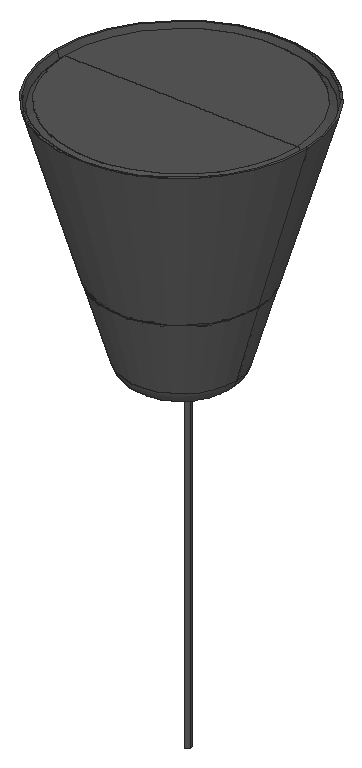
Revit family "Electronics_Desono_Biamp_Two-Way-Pendant-Mount-Loudspeaker_P30DT", category Communication Devices, host Face, Revit 2020
Family settings
  Host = Face
  Maintain Annotation Orientation = No
  Round Connector Dimension = Use Diameter
  Part Type = Normal
  OmniClass Number = 23.85.10.11.14.14.14
  OmniClass Title = Loudspeakers
  Cut with Voids When Loaded = No
  Shared = No
  Room Calculation Point = No
Parameters (values of type "P30DT B")
  Weight = 5.73202 lbf  # constant formula
  URL = "https://www.biamp.com/"
  Transformer = "70V: 30W, 15W, 7.5W, 3.75W, 1.75W; 100V: 30W, 15W, 7.5W, 3.75W"  # constant formula
  Transducers = "LF 1 x 4.25 (108 mm) coated paper cone HF 1 x 1 (25 mm) soft dome"  # constant formula
  Safety Cable On [instance] = no
  Recommended Amplifers = "50W - 100W @ 16 ohms, (28V - 40V)"  # constant formula
  Recommended Accessories = "75 Hz, 12dB/Oct High Pass"  # constant formula
  Protection = "Self-resetting loudspeaker protection"  # constant formula
  Product data url = "https://www.bimobject.com/biamp/product/p30dt_desono-pendant"
  Product Page URL = "https://www.biamp.com/products/product-families/desono/pendant-loudspeakers#p30dt"
  Product Documentation Link = "https://downloads.biamp.com/assets/docs/default-source/data-sheets/biamp_data_sheet_desono_p30dt_sep21.pdf"
  Pendant Length [instance] = 0' - 11 13/16"
  Operating Range (-10dB) = "75 Hz to 20 kHz"  # constant formula
  Operating Mode = "Passive"  # constant formula
  Operating Environment = "Indoor"  # constant formula
  Nominal Sensitivity @ 1m = "Passive - 1W 87dB - 2.83V 84dB)"  # constant formula
  Nominal Maximum SPL @ 1m = "Passive - Peak 110dB - Continuous 104dB)"  # constant formula
  Nominal Beamwidth  (H x V) = "120°, conical"  # constant formula
  Nom Pendant Length [instance] = if(or(Pendant Length < 0' 1", Pendant Length = 0' 1"), 0' 1", if(and(Pendant Length > 0' 1", Pendant Length < 16' 4"), Pendant Length, if(or(Pendant Length > 16' 4", Pendant Length = 16' 4"), 16' 4", 0' 0")))  # 0' - 11 13/16"
  Mounting Provisions = "Two 5m (16.4 ft) wire suspension cables (one as primary support, one as a safety cable), of high tensile galvanized steel wire rope with integrated spring clips for attaching the cable to the bracket and Gripple cable fasteners."  # constant formula
  Model = "P30DT B"
  Min Pendant Length [instance] = 0' - 1"  # constant formula
  Max Pendant Length [instance] = 16' - 4"  # constant formula
  Manufacturer = "Biamp"  # constant formula
  Input Connection = "4-way Euroblock connector with permanent pass-through"  # constant formula
  Housing Material = Biamp - Plastic - Black
  Height = 0' - 8.77953"  # constant formula
  Grill Material = Biamp - Plastic - Black(Grid)
  Diameter = 0' - 9.17323"  # constant formula
  Description = "Desono™ P30DT Two-Way 4.25-Inch Pendant Mount Loudspeaker"  # constant formula
  Default Elevation = 4' - 0"
  Controls = "Power tap / low impedance selector switch"  # constant formula
  Continuous Power Handling Nominal Impedance = "Passive - 28V - 50W @ 16 ohms (200W peak)"  # constant formula
  Connector Description = "Euroblock; Low Impedance 16 ohms, 70/100V operation"  # constant formula
  Compliance = "ETL listed to comply with UL Std 1480A,Certifed to CSA C22.2#62368-1Suspension system and Gripple cable fasteners listed per UL1598 and UL2239, TUV and CSA Class 3426-01 and Class 3426-81."  # constant formula
  Bracket Material = Biamp - Metal - Black
Types (2): name | Model | Housing Material | Grill Material | Bracket Material
  P30DT W | "P30DT W" | Biamp - Plastic - White | Biamp - Plastic - White(Grid) | Biamp - Metal - White
  P30DT B | "P30DT B" | Biamp - Plastic - Black | Biamp - Plastic - Black(Grid) | Biamp - Metal - Black
Reference planes (in)
  plane 1 "Center (Front/Back)": y = 0
  plane 2: z = 0
  plane 3 "Center (Left/Right)": x = 0
Forms (in)
  Extrusion 1, solid, material "Biamp - Metal - Black" <- "Bracket Material", visible <- "Safety Cable On"
    sketch origin (-0.24606, 0, 0) x (1, 0, 0) y (0, 1, 0)
      loop
        circle (0, 0) r 0.09843
    from 0 to 11.8125
  Extrusion 2, solid, material "Biamp - Metal - Black" <- "Bracket Material"
    sketch origin (0.24606, 0, 0) x (-1, 0, 0) y (0, -1, 0)
      loop
        circle (0, 0) r 0.09843
    from 0 to 11.8125
  Revolve 3, solid, material "Biamp - Plastic - Black" <- "Housing Material", detail levels coarse
    sketch origin (-3.83416, 0, 11.8125) x (1, 0, 0) y (0, 0, 1)
      loop
        line (-0.75245, 9.17323) -> (1.83153, 0.7214)
        arc (1.83153, 0.7214) -> (2.03681, 0.38592) -> (2.37875, 0.19158) r 0.7874
        arc (2.37875, 0.19158) -> (3.10005, 0.04664) -> (3.83416, -0.00196) r 5.56923
        line (3.83416, -0.00196) -> (3.83416, 9.17323) -> (-0.75245, 9.17323)
      axis (3.83416, -0.00196) -> (3.83416, 9.17323)
    angle from 0 to 360
  Revolve 4, solid, material "Biamp - Plastic - Black" <- "Housing Material", detail levels medium+fine
    sketch origin (-3.83416, 0, 11.8125) x (1, 0, 0) y (0, 0, 1)
      loop
        line (-0.75245, 9.17323) -> (1.83153, 0.7214)
        arc (1.83153, 0.7214) -> (2.03681, 0.38592) -> (2.37875, 0.19158) r 0.7874
        arc (2.37875, 0.19158) -> (3.10005, 0.04664) -> (3.83416, -0.00196) r 5.56923
        line (3.83416, -0.00196) -> (3.83416, 8.92322) -> (-0.61372, 8.92322) -> (-0.69015, 9.17323) -> (-0.75245, 9.17323)
      axis (3.83416, -0.00196) -> (3.83416, 9.17323)
    angle from 0 to 360
  Revolve 5, solid, material "Biamp - Plastic - Black(Grid)" <- "Grill Material", detail levels medium+fine
    sketch origin (-3.83416, 0, 11.8125) x (1, 0, 0) y (0, 0, 1)
      loop
        line (-0.61372, 8.92322) -> (3.83416, 8.92322) -> (3.83416, 9.11634) -> (-0.38356, 9.11634) -> (-0.61372, 8.92322)
      axis (3.83416, 8.92322) -> (3.83416, 9.11634)
    angle from 0 to 360
  Sweep 6, void
    path origin (-3.83416, 0, 11.8125) x (1, 0, 0) y (0, 0, 1)
      loop
        line (3.83416, -0.16017) -> (3.83416, 0.01385)
    profile origin (0, 0, 11.73934) x (-1, 0, 0) y (0, -1, 0)
      loop
        circle (0, 0) r 0.11811
  Revolve 7, void
    sketch origin (-3.83416, 0, 11.8125) x (1, 0, 0) y (0, 0, 1)
      loop
        circle (1.01719, 3.38759) r 0.01969
      axis (3.83416, 3.38759) -> (3.83416, 3.34822)
    angle from 0 to 360
Cuts and joins
  Sweep 6, Revolve 7 cuts Revolve 4
  Sweep 6 cuts Revolve 3
Lines and regions (in)
  Masking region 1
    outline origin (0, 0, 0) x (1, 0, 0) y (0, 1, 0)
      loop
        circle (0, 0) r 4.58661
  Masking region 2
    outline origin (-3.83416, 0, 11.8125) x (1, 0, 0) y (0, 0, 1)
      loop
        line (-0.75245, 9.17323) -> (1.84399, 0.68063)
        arc (1.84399, 0.68063) -> (2.0101, 0.40349) -> (2.28649, 0.23615) r 0.67078
        arc (2.28649, 0.23615) -> (3.83416, 0.00133) -> (5.38183, 0.23615) r 5.2175
        arc (5.38183, 0.23615) -> (5.65822, 0.40349) -> (5.82433, 0.68063) r 0.67078
        line (5.82433, 0.68063) -> (8.42077, 9.17323) -> (-0.75245, 9.17323)
  Masking region 3
    outline origin (-3.83416, 0, 11.8125) x (1, 0, 0) y (0, 0, 1)
      loop
        line (3.48967, 0) -> (3.48967, -11.8125) -> (3.68652, -11.8125) -> (3.68652, 0) -> (3.48967, 0)
      loop
        line (4.17865, 0) -> (3.9818, 0) -> (3.9818, -11.8125) -> (4.17865, -11.8125) -> (4.17865, 0)
  reference lines
    curve 1: line (-3.83416, 0, 11.8125) -> (3.25245, 0, 11.8125)
Dimensions and locks (in)
  "Nom Pendant Length": curve 1 to plane 2
  aligned and locked: plane 2 to host face
  aligned and locked: level to host face
  aligned and locked: Extrusion 1 to curve 1
  aligned and locked: Extrusion 2 to curve 1
  aligned and locked: curve 1 to Masking region 3 sketch curve
  aligned and locked: Masking region 3 sketch curve to curve 1
  aligned and locked: Masking region 3 to plane 2  (x2)
Automatic sketch dimensions
  host sketch curve to host sketch curve = 8' - 0"  (x2)
  plane 1 "Center (Front/Back)" to Extrusion 1 sketch curve = 0' - 0"
  Extrusion 1 sketch curve to plane 3 "Center (Left/Right)" = 0' - 0.24606"
  plane 1 "Center (Front/Back)" to Extrusion 2 sketch curve = 0' - 0"
  Extrusion 2 sketch curve to plane 3 "Center (Left/Right)" = 0' - 0.24606"
  Revolve 3 sketch curve to curve 1 = 0' - 0"
  Revolve 3 sketch curve to curve 1 = 0' - 0.75245"
  Revolve 3 sketch curve to curve 1 = 0' - 0.7214"
  curve 1 to Revolve 3 sketch curve = 0' - 1.83153"
  Revolve 3 sketch curve to Revolve 3 sketch curve = 0' - 0.753"
  Revolve 3 sketch curve to curve 1 = 0' - 3.25245"
  Revolve 3 sketch curve to Revolve 3 sketch curve = 0' - 0.23021"
  curve 1 to Revolve 3 sketch curve = 0' - 5.56727"
  curve 1 to Revolve 3 sketch curve = 0' - 9.17323"
  Revolve 3 sketch curve to Revolve 3 sketch curve = 0' - 0"  (x2)
  Revolve 3 sketch curve to Revolve 3 sketch curve = 0' - 1.41059"
  Revolve 4 sketch curve to curve 1 = 0' - 0"
  Revolve 4 sketch curve to curve 1 = 0' - 0.75245"
  Revolve 4 sketch curve to curve 1 = 0' - 0.7214"
  curve 1 to Revolve 4 sketch curve = 0' - 1.83153"
  Revolve 4 sketch curve to Revolve 4 sketch curve = 0' - 0.753"
  Revolve 4 sketch curve to curve 1 = 0' - 3.25245"
  curve 1 to Revolve 4 sketch curve = 0' - 0.00196"
  Revolve 4 sketch curve to Revolve 4 sketch curve = 0' - 0.23021"
  curve 1 to Revolve 4 sketch curve = 0' - 5.56727"
  curve 1 to Revolve 4 sketch curve = 0' - 9.17323"
  Revolve 4 sketch curve to Revolve 4 sketch curve = 0' - 0.0623"
  Revolve 4 sketch curve to Revolve 4 sketch curve = 0' - 0.07643"
  Revolve 4 sketch curve to Revolve 4 sketch curve = 0' - 1.24964"
  Revolve 4 sketch curve to Revolve 4 sketch curve = 0' - 1.41059"
  Revolve 4 sketch curve to Revolve 4 sketch curve = 0' - 0 1/4"
  Revolve 5 sketch curve to curve 1 = 0' - 0"
  Revolve 5 sketch curve to curve 1 = 0' - 0.61372"
  Revolve 5 sketch curve to curve 1 = 0' - 3.25245"  (x2)
  Revolve 5 sketch curve to Revolve 5 sketch curve = 0' - 0.19312"
  Revolve 5 sketch curve to curve 1 = 0' - 2.3622"
  Revolve 5 sketch curve to Revolve 5 sketch curve = 0' - 0.23015"
  curve 1 to Revolve 5 sketch curve = 0' - 8.92322"
  Masking region 1 sketch curve to Masking region 1 sketch curve = 0' - 0"  (x2)
  plane 1 "Center (Front/Back)" to Masking region 1 sketch curve = 0' - 0"
  Masking region 1 sketch curve to plane 3 "Center (Left/Right)" = 0' - 0"
  Masking region 1 sketch curve to Masking region 1 sketch curve = 0' - 4.58661"
  Masking region 2 sketch curve to curve 1 = 0' - 0.75245"
  Masking region 2 sketch curve to curve 1 = 0' - 0.68063"  (x2)
  curve 1 to Masking region 2 sketch curve = 0' - 1.84399"
  Masking region 2 sketch curve to Masking region 2 sketch curve = 0' - 0.64147"  (x2)
  Masking region 2 sketch curve to curve 1 = 0' - 0.87675"
  Masking region 2 sketch curve to curve 1 = 0' - 1.90376"
  curve 1 to Masking region 2 sketch curve = 0' - 1.33416"
  Masking region 2 sketch curve to Masking region 2 sketch curve = 0' - 0.19612"
  Masking region 2 sketch curve to curve 1 = 0' - 0.23615"
  Masking region 2 sketch curve to Masking region 2 sketch curve = 0' - 0.4425"
  curve 1 to Masking region 2 sketch curve = 0' - 9.17323"
  Masking region 2 sketch curve to Masking region 2 sketch curve = 0' - 0"
  curve 1 to Masking region 3 sketch curve = 0' - 3.48967"
  Masking region 3 sketch curve to Masking region 3 sketch curve = 0' - 0.19685"  (x2)
  Masking region 3 sketch curve to Masking region 3 sketch curve = 0' - 0.29528"
  Masking region 3 sketch curve to curve 1 = 0' - 11 13/16"
  Masking region 3 sketch curve to Masking region 3 sketch curve = 0' - 0"
  Sweep 6 sketch curve to curve 1 = 0' - 0.01385"
  Sweep 6 sketch curve to curve 1 = 0' - 3.25245"
  curve 1 to Sweep 6 sketch curve = 0' - 0 41/256"
  Sweep 6 sketch curve to profile plane = 0' - 0"
  profile plane to Sweep 6 sketch curve = 0' - 0"
  curve 1 to Revolve 7 sketch curve = 0' - 1.01719"
  curve 1 to Revolve 7 sketch curve = 0' - 3.38759"
  curve 1 to Revolve 7 sketch curve = 0' - 0.3937"
  Revolve 7 sketch curve to curve 1 = 0' - 3.25245"
  Revolve 7 sketch curve to curve 1 = 0' - 0.59055"
  curve 1 to plane 3 "Center (Left/Right)" = 0' - 3.83416"
  plane 3 "Center (Left/Right)" to curve 1 = 0' - 3.25245"
  radius of Extrusion 1 sketch curve = 0' - 0.09843"
  radius of Extrusion 2 sketch curve = 0' - 0.09843"
  radius of Sweep 6 sketch curve = 0' - 0.11811"
  radius of Revolve 7 sketch curve = 0' - 0.01969"
Connectors (in)
  electrical at (0, 0, 11.82635), driven by "Connector Description"
    settings: on cut or joined group of Revolve 4, Sweep 6, Revolve 7, index 1, voltage 0 V, apparent load 0 VA, apparent load phase1 0 VA, apparent load phase2 0 VA, apparent load phase3 0 VA, power factor 1, load classification "Other", number of poles 1, system type 5, power factor state 1, is connector primary yes, connector utility no, sub classification motor no, connector description "Euroblock; Low Impedance 16 ohms, 70/100V operation"
